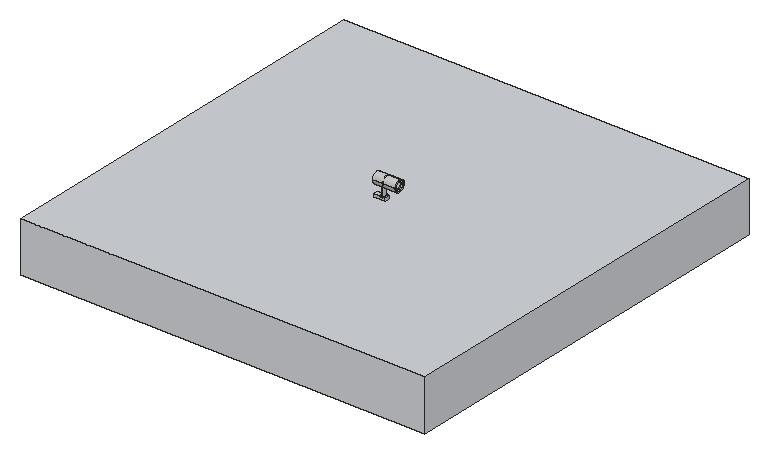
Revit family "LAMP_HANCE TRACK CRI90 SUPERSPOT", category Modelos genéricos, Revit 2018
Family settings
  Anfitrión = Cara
  Puede alojar armadura = No
  Cota de conector redondo = Diámetro de uso
  Tipo de pieza = Normal
  Corte con vacíos al cargar = No
  Compartido = No
  Punto de cálculo de habitación = No
Parameters (values of type "438LM 3000 BLACK")
  Weight = 0.47 kg
  Type = "HIGH POWER CREE"
  Total height = 190 mm
  Tilting angle [instance] = 90.00°
  Tilting [instance] = if(Tilting angle < 0.00°, 0.00°, if(Tilting angle > 90.00°, 90.00°, Tilting angle))  # 90.00°
  Rotation angle [instance] = 0.00°
  Rotation [instance] = if(Rotation angle < 0.00°, 90.00°, if(Rotation angle > 355.00°, 85.00°, Rotation angle + 90.00°))  # 90.00°
  Protection rating = "IP20"
  Profundidad tija = if(Longitud cuerpo = 210 mm, 18 mm, 8.2 mm)  # 8.2 mm
  Product datasheet = "http://www.lamp.es/product-files/TECH/HS1TK10SS930NBB\r\n-EN.pdf"
  Product code = "HS1TK10SS930NBB"
  Product URL = "http://www.lamp.es/en/family/hance_173901"
  Power Supply = "220-240V 50-60Hz"
  Power = 7 W
  Plum = 8.6 W
  Photometric web file = Cuerpo Hance TRACK CRI90 (tilting) : 438LM 3000 BLACK
  Modelo = Product code  # "HS1TK10SS930NBB"
  Model explanation = "Availability of tilting between 0º and 90º, rotation between 0º and 355º and change ring color when placed in a project."
  Material tija = LAMP_Aluminio Hance Negro
  Material Track = LAMP_Aluminio Hance Negro
  Manufacturer name = "LAMP"
  Manufacturer country = "Spain"
  Manufacturer URL = "http://www.lamp.es/en"
  MacAdam = "3"
  Luminaire type = "Indoor - Spotlight"
  Longitud cuerpo = 135 mm
  Longitud aro = if(Longitud cuerpo = 135 mm, 63.6 mm, if(Longitud cuerpo = 170 mm, 98.6 mm, 138.6 mm))  # 63.6 mm
  Last update = "21/02/2022"
  Lamp = "COB LED"
  LED Lifetime = "60.000 L90"
  Insulation class = "I"
  Installation instructions = "http://www.lamp.es/product-files/INS/1004280-A-INSTR.%20MONT%20HANCE%20TRACK220-SUR-REC.pdf"
  Initial intensity = 438 lm
  Initial color = 3000 K
  IEE = "A+"
  Gear = "Electronic"
  Finish = "Texturized black"
  Fabricante = Manufacturer name  # "LAMP"
  Default Elevation = 1219.2 mm
  Efficacy = 51 lm/W
  Diameter = 65 mm
  Descripción = "HANCE TRACK 220 1000 WW SSP BK/BK.\r\nHANCE TRACK 220 1000 WW SSP BK/BK."
  Decorative ring [instance] = Aro decorativo (tilting) : Black
  Comentarios de tipo = Model explanation  # "Availability of tilting between 0º and 90º, rotation between 0º and 355º and change ring color when placed in a project."
  CRI = "80"
  Body height = 135 mm
  Angulo aro [instance] = if(Tilting = 90.00°, 90.00°, -Tilting + 180.00°)  # 90.00°
  Anchura tija = if(Longitud cuerpo = 210 mm, 28 mm, 23 mm)  # 23 mm
  Altura tija = if(Longitud cuerpo = 210 mm, 49 mm, 63 mm)  # 63 mm
Types (9, lengths in mm): name | Weight | Total height | Product datasheet | Product code | Power | Plum | Photometric web file | Modelo | Material tija | Material Track | MacAdam | Longitud cuerpo | Longitud aro | Last update | LED Lifetime | Initial intensity | Initial color | IEE | Finish | Efficacy | Descripción | Body height
  (no name) | 0.47 kg | 190 | "http://www.lamp.es/product-files/TECH/HS1TK10SS930NBB\r\n-EN.pdf" | "HS1TK10SS930NBB" | 7 W | 8.6 W | Cuerpo Hance TRACK CRI90 (tilting) : 438LM 3000 BLACK | "HS1TK10SS930NBB" | LAMP_Aluminio Hance Negro | LAMP_Aluminio Hance Negro | "3" | 135 | 63.6 | "21/02/2022" | "60.000 L90" | 438 lm | 3000 K | "A+" | "Texturized black" | 51 lm/W | "HANCE TRACK 220 1000 WW SSP BK/BK.\r\nHANCE TRACK 220 1000 WW SSP BK/BK." | 135
  438LM 3000 BLACK | 0.47 kg | 190 | "http://www.lamp.es/product-files/TECH/HS1TK10SS930NBB\r\n-EN.pdf" | "HS1TK10SS930NBB" | 7 W | 8.6 W | Cuerpo Hance TRACK CRI90 (tilting) : 438LM 3000 BLACK | "HS1TK10SS930NBB" | LAMP_Aluminio Hance Negro | LAMP_Aluminio Hance Negro | "3" | 135 | 63.6 | "21/02/2022" | "60.000 L90" | 438 lm | 3000 K | "A+" | "Texturized black" | 51 lm/W | "HANCE TRACK 220 1000 WW SSP BK/BK.\r\nHANCE TRACK 220 1000 WW SSP BK/BK." | 135
  438LM 3000 WHITE | 0.47 kg | 190 | "http://www.lamp.es/product-files/TECH/HS1TK10SS930NBW-EN.pdf" | "HS1TK10SS930NBW" | 7 W | 8.6 W | Cuerpo Hance TRACK CRI90 (tilting) : 438LM 3000 WHITE | "HS1TK10SS930NBW" | LAMP_Aluminio Hance Blanco | LAMP_Aluminio Hance Blanco | "3" | 135 | 63.6 | "08/08/2018" | "60.000 L90" | 438 lm | 3000 K | "A+" | "Texturized white" | 51 lm/W | "HANCE TRACK 220 1000 WW SSP BK/WH." | 135
  492LM 4000 BLACK | 0.47 kg | 190 | "http://www.lamp.es/product-files/TECH/HS1TK10SS940NBB-EN.pdf" | "HS1TK10SS940NBB" | 7 W | 8.6 W | Cuerpo Hance TRACK CRI90 (tilting) : 492LM 4000 BLACK | "HS1TK10SS940NBB" | LAMP_Aluminio Hance Negro | LAMP_Aluminio Hance Negro | "5" | 135 | 63.6 | "08/08/2018" | "60.000 L90" | 492 lm | 4000 K | "A+" | "Texturized black" | 57 lm/W | "HANCE TRACK 220 1000 NW SSP BK/BK." | 135
  492LM 4000 WHITE | 0.47 kg | 190 | "http://www.lamp.es/product-files/TECH/HS1TK10SS940NBW-EN.pdf" | "HS1TK10SS940NBW" | 7 W | 8.6 W | Cuerpo Hance TRACK CRI90 (tilting) : 492LM 4000 WHITE | "HS1TK10SS940NBW" | LAMP_Aluminio Hance Blanco | LAMP_Aluminio Hance Blanco | "5" | 135 | 63.6 | "08/08/2018" | "60.000 L90" | 492 lm | 4000 K | "A+" | "Texturized white" | 57 lm/W | "HANCE TRACK 220 1000 NW SSP BK/WH." | 135
  652LM 3000 BLACK | 0.65 kg | 225 | "http://www.lamp.es/product-files/TECH/HS1TK20SS930NBB-EN.pdf" | "HS1TK20SS930NBB" | 13 W | 13.9 W | Cuerpo Hance TRACK CRI90 (tilting) : 652LM 3000 BLACK | "HS1TK20SS930NBB" | LAMP_Aluminio Hance Negro | LAMP_Aluminio Hance Negro | "3" | 170 | 98.6 | "08/08/2018" | "50.000 L80" | 652 lm | 3000 K | "A" | "Texturized black" | 46.87 lm/W | "HANCE TRACK 220 2000 WW SSP BK/BK." | 170
  652LM 3000 WHITE | 0.65 kg | 225 | "http://www.lamp.es/product-files/TECH/HS1TK20SS930NBW-EN.pdf" | "HS1TK20SS930NBW" | 13 W | 13 W | Cuerpo Hance TRACK CRI90 (tilting) : 652LM 3000 WHITE | "HS1TK20SS930NBW" | LAMP_Aluminio Hance Blanco | LAMP_Aluminio Hance Blanco | "3" | 170 | 98.6 | "08/08/2018" | "50.000 L80" | 652 lm | 3000 K | "A" | "Texturized white" | 46.87 lm/W | "HANCE TRACK 220 2000 WW SSP BK/WH." | 170
  737LM 4000 BLACK | 0.65 kg | 225 | "http://www.lamp.es/product-files/TECH/HS1TK20SS940NBB-EN.pdf" | "HS1TK20SS940NBB" | 13 W | 13.9 W | Cuerpo Hance TRACK CRI90 (tilting) : 737LM 4000 BLACK | "HS1TK20SS940NBB" | LAMP_Aluminio Hance Negro | LAMP_Aluminio Hance Negro | "5" | 170 | 98.6 | "08/08/2018" | "50.000 L80" | 737 lm | 4000 K | "A" | "Texturized black" | 53.02 lm/W | "HANCE TRACK 220 2000 NW SSP BK/BK." | 170
  737LM 4000 WHITE | 0.65 kg | 225 | "http://www.lamp.es/product-files/TECH/HS1TK20SS940NBW-EN.pdf" | "HS1TK20SS940NBW" | 13 W | 16 W | Cuerpo Hance TRACK CRI90 (tilting) : 737LM 4000 WHITE | "HS1TK20SS940NBW" | LAMP_Aluminio Hance Blanco | LAMP_Aluminio Hance Blanco | "5" | 170 | 98.6 | "08/08/2018" | "50.000 L80" | 737 lm | 4000 K | "A" | "Texturized white" | 53.02 lm/W | "HANCE TRACK 220 2000 NW SSP BK/WH." | 170
Reference planes
  plane 1 "Centro (Frontal/Posterior)": y = 0
  plane 2: z = 0
  plane 3 "Centro (Izquierda/Derecha)": x = 0
Forms (mm)
  Extrusion 1, solid
    sketch origin (0, 0, 0) x (1, 0, 0) y (0, 1, 0)
      loop
        line (-1219.2, 1219.2) -> (-1219.2, -1219.2) -> (1219.2, -1219.2) -> (1219.2, 1219.2) -> (-1219.2, 1219.2)
    from 0 to -304.8
  Extrusion 2, solid, material "LAMP_Aluminio Hance Negro" <- "Material Track"
    sketch origin (-17.6, 0, 0) x (1, 0, 0) y (0, 1, 0)
      loop
        arc (-31.129, 16) -> (-35, 0) -> (-31.129, -16) r 35
        line (-31.129, -16) -> (31.129, -16)
        arc (31.129, -16) -> (35, 0) -> (31.129, 16) r 35
        line (31.129, 16) -> (-31.129, 16)
    from -26 to 14
  Extrusion 3, void
    sketch origin (0, 0, 0) x (0, 1, 0) y (0, 0, 1)
      loop
        line (17, 0) -> (7, 0) -> (7, -25) -> (-7, -25) -> (-7, 0) -> (-17, 0) -> (-17, -26) -> (17, -26) -> (17, 0)
    from -55.461 to 19.43
  Extrusion 4, void
    sketch origin (-17.6, 0, 0) x (-1, 0, 0) y (0, -1, 0)
      loop
        circle (-17.6, 0) r 6.5
    from -7.7 to 14
  Extrusion 5, solid, material "LAMP_Aluminio Hance Negro" <- "Material Track"
    sketch origin (0, 0, 0) x (1, 0, 0) y (0, 1, 0)
      loop
        circle (-1, 0) r 15.5
    from 14 to 18
Cuts and joins
  Extrusion 3, Extrusion 4 cuts Extrusion 2
Lines and regions (mm)
  reference lines
    curve 1: line (0, 0, 0) -> (50, 0, 0)
Text (mm)
  text "Any modification of the parameters and properties of the LAMP BIM models must be executed and validated by the LAMP technical department.\nPhone: +34 93 736 68 00\nE-mail: lamp@lamp.es\n\nLAMP reserves the right to modify the technical specifications of its products." at (54668.374, -36535.527, 14362.893), in view "Preview"
Dimensions and locks
  "Rotation": angle curve 1 to plane 3 "Centro (Izquierda/Derecha)"
  aligned and locked: plane 2 to Extrusion 1
  aligned and locked: level to Extrusion 1
  aligned and locked: plane 3 "Centro (Izquierda/Derecha)" to curve 1
  aligned and locked: plane 1 "Centro (Frontal/Posterior)" to curve 1
Automatic sketch dimensions
  Extrusion 1 sketch curve to Extrusion 1 sketch curve = 2438.4 mm  (x2)
  Extrusion 2 sketch curve to Extrusion 2 sketch curve = 0 mm  (x2)
  plane 1 "Centro (Frontal/Posterior)" to Extrusion 2 sketch curve = 0 mm
  Extrusion 2 sketch curve to plane 1 "Centro (Frontal/Posterior)" = 16 mm
  Extrusion 2 sketch curve to plane 3 "Centro (Izquierda/Derecha)" = 48.729 mm
  plane 1 "Centro (Frontal/Posterior)" to Extrusion 2 sketch curve = 16 mm
  Extrusion 2 sketch curve to plane 3 "Centro (Izquierda/Derecha)" = 17.6 mm
  plane 3 "Centro (Izquierda/Derecha)" to Extrusion 2 sketch curve = 13.529 mm
  Extrusion 3 sketch curve to level = 0 mm  (x2)
  plane 1 "Centro (Frontal/Posterior)" to Extrusion 3 sketch curve = 17 mm
  plane 1 "Centro (Frontal/Posterior)" to Extrusion 3 sketch curve = 7 mm
  Extrusion 3 sketch curve to plane 1 "Centro (Frontal/Posterior)" = 7 mm
  Extrusion 3 sketch curve to Extrusion 3 sketch curve = 10 mm
  Extrusion 3 sketch curve to Extrusion 3 sketch curve = 25 mm
  Extrusion 3 sketch curve to Extrusion 3 sketch curve = 1 mm
  plane 1 "Centro (Frontal/Posterior)" to Extrusion 4 sketch curve = 0 mm
  Extrusion 4 sketch curve to plane 3 "Centro (Izquierda/Derecha)" = 0 mm
  Extrusion 5 sketch curve to curve 1 = 0 mm
  Extrusion 5 sketch curve to curve 1 = 1 mm
  radius of Extrusion 4 sketch curve = 6.5 mm
  radius of Extrusion 5 sketch curve = 15.5 mm
Nested families
  nested 1: "Cuerpo Hance TRACK CRI90 (tilting)" at (-0.525, -1.967, 73.145) x (1, 0, 0) z (0, 0, -1), type <- "Photometric web file", type "438LM 3000 BLACK"
  nested 2: "Aro decorativo (tilting)" at (-0.5, 0, 73.163) x (1, 0, 0) z (0, 0, -1), type <- "Decorative ring", type "Black"
  nested 3: "Tija track" at (1, 0, 18), type "Tija track"
Connectors
  electrical at (-17.6, 0, -25)
    settings: on cut or joined group of Extrusion 2, Extrusion 3, Extrusion 4, index 1, voltage 230 V, apparent load 0 VA, apparent load phase1 0 VA, apparent load phase2 0 VA, apparent load phase3 0 VA, power factor 1, load classification "Otro", number of poles 1, system type 31, power factor state 1, is connector primary yes, connector utility no, sub classification motor no, connector description ""
Definition of nested family "Cuerpo Hance TRACK CRI90 (tilting)"
  Parameters (values of type "438LM 3000 BLACK")
    Tilting = 90.00°
    Photometric web file = Cuerpo Hance TRACK CRI90 : 438LM 3000 BLACK
    Longitud cuerpo = 135 mm
    Default Elevation = 1219.2 mm
  Types (8, lengths in mm): name | Photometric web file
    438LM 3000 BLACK | Cuerpo Hance TRACK CRI90 : 438LM 3000 BLACK
    438LM 3000 WHITE | Cuerpo Hance TRACK CRI90 : 438LM 3000 WHITE
    492LM 4000 BLACK | Cuerpo Hance TRACK CRI90 : 492LM 4000 BLACK
    492LM 4000 WHITE | Cuerpo Hance TRACK CRI90 : 492LM 4000 WHITE
    652LM 3000 BLACK | Cuerpo Hance TRACK CRI90 : 652LM 3000 BLACK
    652LM 3000 WHITE | Cuerpo Hance TRACK CRI90 : 652LM 3000 WHITE
    737LM 4000 BLACK | Cuerpo Hance TRACK CRI90 : 737LM 4000 BLACK
    737LM 4000 WHITE | Cuerpo Hance TRACK CRI90 : 737LM 4000 WHITE
  Reference planes
    plane 1 "Centro (Frontal/Posterior)": y = 0
    plane 2: z = 0
    plane 3 "Centro (Izquierda/Derecha)": x = 0
  Lines and regions (mm)
    reference lines
      curve 1: line (0, 0, 0) -> (200, 0, 0)
  Dimensions and locks
    "Tilting": angle plane 3 "Centro (Izquierda/Derecha)" to curve 1
    aligned and locked: level to plane 2
    aligned and locked: plane 3 "Centro (Izquierda/Derecha)" to curve 1
    aligned and locked: plane 2 to curve 1
  Nested families
    nested 1: "Cuerpo Hance TRACK CRI90" at (0, -1.967, 0), type <- "Photometric web file", type "438LM 3000 BLACK"
  Definition of nested family "Cuerpo Hance TRACK CRI90"
    Parameters (values of type "438LM 3000 BLACK")
      Tilt Angle = 90.00° + Tilting  # 180.00°
      Wattage = 8.6 W
      Tilting = 90.00°
      built-in parameter 1150107 = 3000 (stored number, unit not read)
      Radio vacio posterior = Radio cuerpo - 2.2 mm  # 30.3 mm
      Radio vaciado = Radio cuerpo - 1.5 mm  # 31 mm
      Radio cuerpo = if(Longitud cuerpo = 210 mm, 45 mm, 32.5 mm)  # 32.5 mm
      built-in parameter 1150110 = 1 (stored number, unit not read)
      built-in parameter 1150109 = 1 (stored number, unit not read)
      built-in parameter 1150112 = 1 (stored number, unit not read)
      built-in parameter 1150113 = 1 (stored number, unit not read)
      built-in parameter 1114218 = 1 (stored number, unit not read)
      built-in parameter 1150137 = (empty or 0)
      built-in parameter 1150132 = 2
      Material reflector = none
      Material cuerpo = none
      Material COB = none
      Longitud cuerpo = 135 mm
      Long. origen luz = if(Longitud cuerpo = 135 mm, 20 mm, if(Longitud cuerpo = 170 mm, 55 mm, 90 mm))  # 20 mm
      L_3 = if(Ancho disipador posterior = 80.4 mm, 39.6 mm, 12 mm)  # 12 mm
      L_2 = if(Ancho disipador posterior = 80.4 mm, 36.3 mm, 22.6 mm)  # 22.6 mm
      L_1 = if(Ancho disipador posterior = 80.4 mm, 36.8 mm, 25.4 mm)  # 25.4 mm
      built-in parameter 1150105 = 7654.7 (stored number, unit not read)
      built-in parameter 1150102 = (empty or 0)
      built-in parameter 1150106 = 76.547 (stored number, unit not read)
      Lumens = 438.6 lm
      Color Filter = 16777215
      built-in parameter 1114217 = 1 (stored number, unit not read)
      built-in parameter 1150139 = (empty or 0)
      Default Elevation = 1219.2 mm
      built-in parameter 1150104 = 4.7381 (stored number, unit not read)
      Efficacy = 51 lm/W
      Diametro aro = if(Radio cuerpo = 45 mm, 42.9 mm, 30.4 mm)  # 30.4 mm
      built-in parameter 1150115 = 1 (stored number, unit not read)
      built-in parameter 1150114 = 1 (stored number, unit not read)
      built-in parameter 1150138 = (empty or 0)
      built-in parameter 1150134 = (empty or 0)
      Dimming Lamp Color Temperature Shift = (empty or 0)
      Photometric Web File = "HS1TK10SS930NBB.IES"
      Ancho vaciado reflector = if(Radio cuerpo = 45 mm, 34.4 mm, 21.9 mm)  # 21.9 mm
      Ancho reflector = if(Radio cuerpo = 45 mm, 35.4 mm, 22.9 mm)  # 22.9 mm
      Ancho disipador posterior = if(Radio cuerpo = 32.5 mm, 53 mm, 80.4 mm)  # 53 mm
      built-in parameter 1150133 = 10 (stored number, unit not read)
      Altura disipador superior = if(Radio cuerpo = 45 mm, 23.9 mm, 36.9 mm)  # 36.9 mm
      Ancho disipador superior = if(Radio cuerpo = 45 mm, 28 mm, 22.6 mm)  # 22.6 mm
    Types (8, lengths in mm): name | Wattage | built-in parameter 1150107 | Longitud cuerpo | Long. origen luz | built-in parameter 1150105 | built-in parameter 1150106 | Lumens | built-in parameter 1150104 | Efficacy | built-in parameter 1150134 | Photometric Web File
      438LM 3000 BLACK | 8.6 W | 3000 (stored number, unit not read) | 135 | 20 | 7654.7 (stored number, unit not read) | 76.547 (stored number, unit not read) | 438.6 lm | 4.7381 (stored number, unit not read) | 51 lm/W | (empty or 0) | "HS1TK10SS930NBB.IES"
      438LM 3000 WHITE | 8.6 W | 3000 (stored number, unit not read) | 135 | 20 | 7654.7 (stored number, unit not read) | 76.547 (stored number, unit not read) | 438.6 lm | 4.7381 (stored number, unit not read) | 51 lm/W | (empty or 0) | "HS1TK10SS930NBW.IES"
      492LM 4000 BLACK | 8.6 W | 4000 (stored number, unit not read) | 135 | 20 | 12023.8 (stored number, unit not read) | 120.24 (stored number, unit not read) | 688.946 lm | 7.4425 (stored number, unit not read) | 57 lm/W | 12 | "HS1TK10SS940NBB.IES"
      492LM 4000 WHITE | 8.6 W | 4000 (stored number, unit not read) | 135 | 20 | 9030 (stored number, unit not read) | 90.3 (stored number, unit not read) | 490.2 lm | 5.2955 (stored number, unit not read) | 57 lm/W | 12 | "HS1TK10SS940NBW.IES"
      652LM 3000 BLACK | 13.9 W | 3000 (stored number, unit not read) | 170 | 55 | 11370.2 (stored number, unit not read) | 113.7 (stored number, unit not read) | 651.493 lm | 4.3544 (stored number, unit not read) | 46.87 lm/W | (empty or 0) | "HS1TK20SS930NBB.IES"
      652LM 3000 WHITE | 13.9 W | 3000 (stored number, unit not read) | 170 | 55 | 12001.2 (stored number, unit not read) | 120.01 (stored number, unit not read) | 651.493 lm | 4.3544 (stored number, unit not read) | 55.34 lm/W | (empty or 0) | "HS1TK20SS930NBW.IES"
      737LM 4000 BLACK | 13.9 W | 4000 (stored number, unit not read) | 170 | 55 | 12862.1 (stored number, unit not read) | 128.62 (stored number, unit not read) | 736.978 lm | 4.9257 (stored number, unit not read) | 53.02 lm/W | 12 | "HS1TK20SS940NBB.IES"
      737LM 4000 WHITE | 13.9 W | 4000 (stored number, unit not read) | 170 | 55 | 13575.9 (stored number, unit not read) | 135.76 (stored number, unit not read) | 736.978 lm | 4.9257 (stored number, unit not read) | 53.02 lm/W | 12 | "HS1TK20SS940NBW.IES"
    Reference planes
      plane 1 "Centro (Frontal/Posterior)": y = 0
      plane 2: z = 0
      plane 3 "Centro (Izquierda/Derecha)": x = 0
    Forms (mm)
      Extrusion 1, solid, material <- "Material cuerpo"
        sketch origin (0, 0, 0) x (0, -1, 0) y (0, 0, 1)
          loop
            circle (0, -27.875) r 32.5
        from -93 to 42
      Extrusion 2, void
        sketch origin (0, 0, 0) x (0, 1, 0) y (0, 0, 1)
          loop
            line (11.3, 30) -> (-11.3, 30) -> (-11.3, -6.9)
            arc (-11.3, -6.9) -> (0, -7.855) -> (11.3, -6.9) r 67.349
            line (11.3, -6.9) -> (11.3, 30)
        from -42 to 9.4
      Extrusion 3, void
        sketch origin (0, 0, 0) x (0, 1, 0) y (0, 0, 1)
          loop
            circle (0, -27.875) r 30.3
        from -42 to -41
      Extrusion 4, void
        sketch origin (0, 0, 0) x (0, 1, 0) y (0, 0, 1)
          loop
            line (26.5, -26.291) -> (-26.5, -26.291)
            arc (-26.5, -26.291) -> (-27.7, -27.491) -> (-26.5, -28.691) r 1.2
            line (-26.5, -28.691) -> (26.5, -28.691)
            arc (26.5, -28.691) -> (27.7, -27.491) -> (26.5, -26.291) r 1.2
          loop
            line (26.115, -30.891) -> (-26.115, -30.891)
            arc (-26.115, -30.891) -> (-27.315, -32.091) -> (-26.115, -33.291) r 1.2
            line (-26.115, -33.291) -> (26.115, -33.291)
            arc (26.115, -33.291) -> (27.315, -32.091) -> (26.115, -30.891) r 1.2
          loop
            line (25.4, -35.55) -> (-24.915, -35.55)
            arc (-24.915, -35.55) -> (-26.115, -36.75) -> (-24.915, -37.95) r 1.2
            line (-24.915, -37.95) -> (25.4, -37.95)
            arc (25.4, -37.95) -> (26.6, -36.75) -> (25.4, -35.55) r 1.2
          loop
            line (22.6, -40.091) -> (-22.64, -40.091)
            arc (-22.64, -40.091) -> (-23.84, -41.291) -> (-22.64, -42.491) r 1.2
            line (-22.64, -42.491) -> (22.6, -42.491)
            arc (22.6, -42.491) -> (23.8, -41.291) -> (22.6, -40.091) r 1.2
          loop
            line (19.043, -44.691) -> (-19.086, -44.691)
            arc (-19.086, -44.691) -> (-20.286, -45.891) -> (-19.086, -47.091) r 1.2
            line (-19.086, -47.091) -> (19.043, -47.091)
            arc (19.043, -47.091) -> (20.243, -45.891) -> (19.043, -44.691) r 1.2
          loop
            line (15.357, -49.291) -> (-15.5, -49.291)
            arc (-15.5, -49.291) -> (-16.6, -50.391) -> (-15.5, -51.491) r 1.1
            line (-15.5, -51.491) -> (15.357, -51.491)
            arc (15.357, -51.491) -> (16.457, -50.391) -> (15.357, -49.291) r 1.1
          loop
            line (6, -53.691) -> (-6, -53.691)
            arc (-6, -53.691) -> (-7.1, -54.791) -> (-6, -55.891) r 1.1
            line (-6, -55.891) -> (6, -55.891)
            arc (6, -55.891) -> (7.1, -54.791) -> (6, -53.691) r 1.1
        from -42 to -38.7
      Extrusion 5, void
        sketch origin (0, 0, 0) x (-1, 0, 0) y (0, -1, 0)
          loop
            line (37.7, -9.12) -> (37.7, 9.12)
            arc (37.7, 9.12) -> (36.6, 10.22) -> (35.5, 9.12) r 1.1
            line (35.5, 9.12) -> (35.5, -9.12)
            arc (35.5, -9.12) -> (36.6, -10.22) -> (37.7, -9.12) r 1.1
          loop
            line (28.9, -9.12) -> (28.9, 9.12)
            arc (28.9, 9.12) -> (27.8, 10.22) -> (26.7, 9.12) r 1.1
            line (26.7, 9.12) -> (26.7, -9.12)
            arc (26.7, -9.12) -> (27.8, -10.22) -> (28.9, -9.12) r 1.1
          loop
            line (20.1, -9.12) -> (20.1, 9.12)
            arc (20.1, 9.12) -> (19, 10.22) -> (17.9, 9.12) r 1.1
            line (17.9, 9.12) -> (17.9, -9.12)
            arc (17.9, -9.12) -> (19, -10.22) -> (20.1, -9.12) r 1.1
        from -51.491 to 30
      Extrusion 6, void
        sketch origin (0, 0, 0) x (-1, 0, 0) y (0, -1, 0)
          loop
            line (33.3, -9.12) -> (33.3, 9.12)
            arc (33.3, 9.12) -> (32.2, 10.22) -> (31.1, 9.12) r 1.1
            line (31.1, 9.12) -> (31.1, -9.12)
            arc (31.1, -9.12) -> (32.2, -10.22) -> (33.3, -9.12) r 1.1
          loop
            line (24.5, -9.12) -> (24.5, 9.12)
            arc (24.5, 9.12) -> (23.4, 10.22) -> (22.3, 9.12) r 1.1
            line (22.3, 9.12) -> (22.3, -9.12)
            arc (22.3, -9.12) -> (23.4, -10.22) -> (24.5, -9.12) r 1.1
        from -8.232 to 30
      Extrusion 7, void
        sketch origin (0, 0, 0) x (0, 1, 0) y (0, 0, 1)
          loop
            circle (0, -27.875) r 31
        from 17.213 to 93
      Revolve 8, solid, material <- "Material reflector"
        sketch origin (0, 0, 0) x (1, 0, 0) y (0, 0, 1)
          loop
            line (60.5, -27.875) -> (80.818, -27.875) -> (80.818, -4.975) -> (60.5, -19.875) -> (60.5, -27.875)
          axis (60.5, -27.875) -> (80.818, -27.875)
        angle from 0 to 360
      Revolve 9, void
        sketch origin (0, 0, 0) x (1, 0, 0) y (0, 0, 1)
          loop
            line (80.818, -5.975) -> (61.5, -20.142) -> (60.5, -20.142) -> (60.5, -27.875) -> (61.5, -27.875) -> (80.818, -27.875) -> (80.818, -5.975)
          axis (80.818, -27.875) -> (60.5, -27.875)
        angle from 0 to 360
      Extrusion 10, solid, material <- "Material COB"
        sketch origin (0, 0, 0) x (0, -1, 0) y (0, 0, 1)
          loop
            circle (0, -27.875) r 7.733
        from -61.5 to -60.5
    Cuts and joins
      Extrusion 2, Extrusion 3, Extrusion 4, Extrusion 5, Extrusion 6, Extrusion 7 cuts Extrusion 1
      Revolve 9 cuts Revolve 8
    Lines and regions (mm)
      reference lines
        curve 1: line (0, 0, 0) -> (178.042, 0, 0)
        curve 2: line (93, 0, -27.875) -> (113, 0, -27.875)
        curve 3: line (0, 0, 0) -> (0, 0, -75)
        curve 4: line (93, 0, -22.875) -> (93, 0, -32.875)
    Text (mm)
      text "Any modification of the parameters and properties of the LAMP BIM models must be executed and validated by the LAMP technical department.\nPhone: +34 93 736 68 00\nE-mail: lamp@lamp.es\n\nLAMP reserves the right to modify the technical specifications of its products." at (97482.136, -81600.41, 57308.082), in view "Preview"
    Dimensions and locks
      locked: Revolve 9 sketch curve to cut or joined group of Extrusion 1, Extrusion 2, Extrusion 3, Extrusion 4, Extrusion 5, Extrusion 6, Extrusion 7 at 12.182
      "Longitud cuerpo": cut or joined group of Extrusion 1, Extrusion 2, Extrusion 3, Extrusion 4, Extrusion 5, Extrusion 6, Extrusion 7 to cut or joined group of Extrusion 1, Extrusion 2, Extrusion 3, Extrusion 4, Extrusion 5, Extrusion 6, Extrusion 7
      locked: cut or joined group of Extrusion 1, Extrusion 2, Extrusion 3, Extrusion 4, Extrusion 5, Extrusion 6, Extrusion 7 to curve 3 at 42
      locked: cut or joined group of Revolve 8, Revolve 9 to cut or joined group of Extrusion 1, Extrusion 2, Extrusion 3, Extrusion 4, Extrusion 5, Extrusion 6, Extrusion 7 at 12.182
      locked: cut or joined group of Revolve 8, Revolve 9 to cut or joined group of Revolve 8, Revolve 9 at 20.318
      locked: cut or joined group of Extrusion 1, Extrusion 2, Extrusion 3, Extrusion 4, Extrusion 5, Extrusion 6, Extrusion 7 to Extrusion 10 at 31.5
      locked: Extrusion 10 to Extrusion 10 at 1
      "Long. origen luz": curve 4 to curve 2
      equal spacing: Extrusion 4 sketch curve, plane 1 "Centro (Frontal/Posterior)", Extrusion 4 sketch curve  (x2)
      "Ancho disipador posterior": Extrusion 4 sketch curve to Extrusion 4 sketch curve
      "L_1": Extrusion 4 sketch curve to plane 1 "Centro (Frontal/Posterior)"
      "L_2": Extrusion 4 sketch curve to curve 3
      "L_3": Extrusion 4 sketch curve to Extrusion 4 sketch curve
      equal spacing: Extrusion 2 sketch curve, plane 1 "Centro (Frontal/Posterior)", Extrusion 2 sketch curve
      "Ancho disipador superior": Extrusion 2 sketch curve to Extrusion 2 sketch curve
      "Altura disipador superior": Extrusion 2 sketch curve to Extrusion 2 sketch curve
      locked: plane 2 to Extrusion 2 sketch curve at 30
      "Ancho reflector": Revolve 8 sketch curve to imposter light
      "Ancho vaciado reflector": Revolve 9 sketch curve to imposter light
      "Radio cuerpo": radius of Extrusion 1 sketch curve
      "Radio vaciado": radius of Extrusion 7 sketch curve
      "Radio vacio posterior": radius of Extrusion 3 sketch curve
      "Tilting": angle plane 3 "Centro (Izquierda/Derecha)" to curve 1
      aligned and locked: level to plane 2
      aligned and locked: imposter light to curve 2  (x2)
      aligned and locked: cut or joined group of Extrusion 1, Extrusion 2, Extrusion 3, Extrusion 4, Extrusion 5, Extrusion 6, Extrusion 7 to cut or joined group of Extrusion 1, Extrusion 2, Extrusion 3, Extrusion 4, Extrusion 5, Extrusion 6, Extrusion 7
    Automatic sketch dimensions
      curve 1 to Extrusion 5 sketch curve = 17.9 mm
      Extrusion 5 sketch curve to Extrusion 5 sketch curve = 1.1 mm  (x3)
      Extrusion 5 sketch curve to Extrusion 5 sketch curve = 6.6 mm  (x2)
      Extrusion 5 sketch curve to curve 1 = 9.12 mm  (x2)
      Extrusion 5 sketch curve to Extrusion 5 sketch curve = 0 mm  (x3)
      curve 1 to Extrusion 5 sketch curve = 9.12 mm
      curve 1 to Extrusion 6 sketch curve = 22.3 mm
      Extrusion 6 sketch curve to Extrusion 6 sketch curve = 1.1 mm  (x2)
      Extrusion 6 sketch curve to Extrusion 6 sketch curve = 6.6 mm
      Extrusion 6 sketch curve to curve 1 = 9.12 mm
      Extrusion 6 sketch curve to Extrusion 6 sketch curve = 0 mm  (x2)
      curve 1 to Extrusion 6 sketch curve = 9.12 mm
      Extrusion 10 sketch curve to plane 1 "Centro (Frontal/Posterior)" = 0 mm
      Extrusion 1 sketch curve to plane 1 "Centro (Frontal/Posterior)" = 0 mm
      Extrusion 1 sketch curve to level = 27.875 mm
      Extrusion 2 sketch curve to plane 1 "Centro (Frontal/Posterior)" = 0 mm
      Extrusion 2 sketch curve to Extrusion 2 sketch curve = 29.494 mm
      Extrusion 3 sketch curve to plane 1 "Centro (Frontal/Posterior)" = 0 mm
      Extrusion 3 sketch curve to level = 27.875 mm
      Extrusion 4 sketch curve to Extrusion 4 sketch curve = 0.385 mm  (x2)
      Extrusion 4 sketch curve to Extrusion 4 sketch curve = 1.2 mm  (x6)
      Extrusion 4 sketch curve to Extrusion 4 sketch curve = 2.276 mm
      Extrusion 4 sketch curve to Extrusion 4 sketch curve = 3.554 mm
      Extrusion 4 sketch curve to Extrusion 4 sketch curve = 3.586 mm
      Extrusion 4 sketch curve to Extrusion 4 sketch curve = 9.357 mm
      Extrusion 4 sketch curve to Extrusion 4 sketch curve = 3.557 mm
      Extrusion 4 sketch curve to level = 55.891 mm
      Extrusion 4 sketch curve to Extrusion 4 sketch curve = 1.1 mm  (x2)
      Extrusion 4 sketch curve to Extrusion 4 sketch curve = 2.2 mm  (x4)
      Extrusion 4 sketch curve to Extrusion 4 sketch curve = 2.141 mm
      Extrusion 4 sketch curve to Extrusion 4 sketch curve = 2.259 mm
      Extrusion 7 sketch curve to plane 1 "Centro (Frontal/Posterior)" = 0 mm
      Extrusion 7 sketch curve to level = 27.875 mm
      curve 1 to Revolve 8 sketch curve = 19.875 mm
      curve 1 to Revolve 8 sketch curve = 60.5 mm
      Revolve 8 sketch curve to Revolve 8 sketch curve = 20.318 mm
      Revolve 8 sketch curve to Revolve 8 sketch curve = 8 mm
      Revolve 8 sketch curve to Revolve 8 sketch curve = 0 mm  (x2)
      Revolve 8 sketch curve to Revolve 8 sketch curve = 9.682 mm
      Revolve 9 sketch curve to Revolve 9 sketch curve = 19.318 mm
      Revolve 9 sketch curve to Revolve 9 sketch curve = 0 mm  (x3)
      Revolve 9 sketch curve to Revolve 9 sketch curve = 1 mm
      curve 1 to Revolve 9 sketch curve = 20.142 mm
      Revolve 9 sketch curve to Revolve 9 sketch curve = 7.733 mm
      Revolve 9 sketch curve to Revolve 9 sketch curve = 9.682 mm
      curve 1 to level = 0 mm
      curve 1 to plane 3 "Centro (Izquierda/Derecha)" = 0 mm
      curve 3 to curve 1 = 0 mm  (x2)
      curve 3 to curve 1 = 75 mm
      curve 1 to curve 4 = 32.875 mm
      curve 4 to curve 1 = 85.042 mm
      curve 4 to curve 2 = 5 mm
      curve 2 to curve 4 = 5 mm
      radius of Extrusion 10 sketch curve = 7.733 mm
Definition of nested family "Aro decorativo (tilting)"
  Parameters (values of type "Copper")
    Weight (3000/4000) = 0.016 kg
    Weight (1000/2000) = 0.01 kg
    Tilting = 90.00°
    Product datasheet = ""
    Product code (3000/4000) = "HSRI90C"
    Product code (1000/2000) = "HSRI65C"
    Product URL = ""
    Model = ""
    Material aro = none
    Manufacturer name = "LAMP"
    Manufacturer country = "Spain"
    Manufacturer URL = "http://www.lamp.es/en"
    Longitud = 63.6 mm
    Last update = "21/05/2018"
    Installation instructions = ""
    Finish = "Metalized matt copper"
    Manufacturer = Manufacturer name  # "LAMP"
    Default Elevation = 1219.2 mm
    Diameter (3000/4000) = 90 mm
    Diameter (1000/2000) = 65 mm
    Description = ""
    Accessory Type = "Optic"
    3000/4000 Model = "HSRI90C"
    3000/4000 Description = "HANCE 3000/4000 ACC. RING DECO CO."
    1000/2000 Model = "HSRI65C"
    1000/2000 Description = "HANCE 1000/2000 ACC. RING DECO CO."
  Types (5, lengths in mm): name | Product code (3000/4000) | Product code (1000/2000) | Finish | 3000/4000 Model | 3000/4000 Description | 1000/2000 Model | 1000/2000 Description
    (no name) | "HSRI90C" | "HSRI65C" | "Metalized matt copper" | "HSRI90C" | "HANCE 3000/4000 ACC. RING DECO CO." | "HSRI65C" | "HANCE 1000/2000 ACC. RING DECO CO."
    Black | "HSRI90B" | "HSRI65B" | "Matt black" | "HSRI90B" | "HANCE 3000/4000 ACC. RING DECO BK." | "HSRI65B" | "HANCE 1000/2000 ACC. RING DECO BK."
    Copper | "HSRI90C" | "HSRI65C" | "Metalized matt copper" | "HSRI90C" | "HANCE 3000/4000 ACC. RING DECO CO." | "HSRI65C" | "HANCE 1000/2000 ACC. RING DECO CO."
    Grey | "HSRI90M" | "HSRI65M" | "Metalized matt silver" | "HSRI90M" | "HANCE 3000/4000 ACC. RING DECO MET." | "HSRI65M" | "HANCE 1000/2000 ACC. RING DECO MET."
    White | "HSRI90W" | "HSRI65W" | "Matt White" | "HSRI90W" | "HANCE 3000/4000 ACC. RING DECO WH." | "HSRI65W" | "HANCE 1000/2000 ACC. RING DECO WH."
  Reference planes
    plane 1 "Centro (Frontal/Posterior)": y = 0
    plane 2: z = 0
    plane 3 "Centro (Izquierda/Derecha)": x = 0
  Lines and regions (mm)
    reference lines
      curve 1: line (0, 0, 0) -> (0, 0, -27.9)
      curve 2: line (0, 0, -27.9) -> (80.8, 0, -27.9)
  Text (mm)
    text "Any modification of the parameters and properties of the LAMP BIM models must be executed and validated by the LAMP technical department.\nPhone: +34 93 736 68 00\nE-mail: lamp@lamp.es\n\nLAMP reserves the right to modify the technical specifications of its products." at (86527.204, -96597.187, 50741.736), in view "Preview"
  Dimensions and locks
    "Tilting": angle curve 1 to plane 2
    aligned and locked: level to plane 2
    aligned and locked: plane 3 "Centro (Izquierda/Derecha)" to curve 1
    aligned and locked: plane 2 to curve 1
  Automatic sketch dimensions
    curve 2 to curve 1 = 0 mm
    curve 1 to curve 2 = 0 mm
    curve 1 to curve 2 = 80.8 mm
  Nested families
    nested 1: "Aro decorativo" at (17.2, 0, 0), type "Copper"
  Definition of nested family "Aro decorativo"
    Parameters (values of type "Copper")
      Weight (3000/4000) = 0.016 kg
      Weight (1000/2000) = 0.01 kg
      Product datasheet = ""
      Product code (3000/4000) = "HSRI90C"
      Product code (1000/2000) = "HSRI65C"
      Product URL = ""
      Model = ""
      Material aro = none
      Manufacturer name = "LAMP"
      Manufacturer country = "Spain"
      Manufacturer URL = "http://www.lamp.es/en"
      Longitud = 63.6 mm
      Last update = "21/05/2018"
      Installation instructions = ""
      Finish = "Metalized matt copper"
      Manufacturer = Manufacturer name  # "LAMP"
      Default Elevation = 1219.2 mm
      Diametro vaciado aro interior = if(Diametro aro interior = 35.4 mm, 34.4 mm, 21.9 mm)  # 21.9 mm
      Diametro vaciado aro exterior = if(Diametro aro exterior = 42.9 mm, 41.9 mm, 29.4 mm)  # 29.4 mm
      Diametro aro interior = if(Diametro aro exterior = 42.9 mm, 35.4 mm, 22.9 mm)  # 22.9 mm
      Diametro aro exterior = if(Longitud = 138.6 mm, 42.9 mm, 30.4 mm)  # 30.4 mm
      Diameter (3000/4000) = 90 mm
      Diameter (1000/2000) = 65 mm
      Description = ""
      Accessory Type = "Optic"
      3000/4000 Model = "HSRI90C"
      3000/4000 Description = "HANCE 3000/4000 ACC. RING DECO CO."
      1000/2000 Description = "HANCE 1000/2000 ACC. RING DECO CO."
      1000/2000 Model = "HSRI65C"
    Types (5, lengths in mm): name | Product code (3000/4000) | Product code (1000/2000) | Finish | 3000/4000 Model | 3000/4000 Description | 1000/2000 Description | 1000/2000 Model
      (no name) | "HSRI90C" | "HSRI65C" | "Metalized matt copper" | "HSRI90C" | "HANCE 3000/4000 ACC. RING DECO CO." | "HANCE 1000/2000 ACC. RING DECO CO." | "HSRI65C"
      Black | "HSRI90B" | "HSRI65B" | "Matt black" | "HSRI90B" | "HANCE 3000/4000 ACC. RING DECO BK." | "HANCE 1000/2000 ACC. RING DECO BK." | "HSRI65B"
      Copper | "HSRI90C" | "HSRI65C" | "Metalized matt copper" | "HSRI90C" | "HANCE 3000/4000 ACC. RING DECO CO." | "HANCE 1000/2000 ACC. RING DECO CO." | "HSRI65C"
      Grey | "HSRI90M" | "HSRI65M" | "Metalized matt silver" | "HSRI90M" | "HANCE 3000/4000 ACC. RING DECO MET." | "HANCE 1000/2000 ACC. RING DECO MET." | "HSRI65M"
      White | "HSRI90W" | "HSRI65W" | "Matt white" | "HSRI90W" | "HANCE 3000/4000 ACC. RING DECO WH." | "HANCE 1000/2000 ACC. RING DECO WH." | "HSRI65W"
    Reference planes
      plane 1 "Centro (Frontal/Posterior)": y = 0
      plane 2: z = 0
      plane 3 "Centro (Izquierda/Derecha)": x = 0
    Forms (mm)
      Revolve 1, solid, material <- "Material aro"
        sketch origin (0, 0, -27.9) x (1, 0, 0) y (0, 0, 1)
          loop
            line (63.6, 0) -> (73.782, 0) -> (73.782, 30.4) -> (63.6, 22.9) -> (63.6, 0)
          axis (73.782, 0) -> (63.6, 0)
        angle from 0 to 360
      Revolve 2, void
        sketch origin (0, 0, -27.9) x (1, 0, 0) y (0, 0, 1)
          loop
            line (73.782, 29.4) -> (63.6, 21.9) -> (63.6, 0) -> (73.782, 0) -> (73.782, 29.4)
          axis (63.6, 0) -> (73.782, 0)
        angle from 0 to 360
    Cuts and joins
      Revolve 2 cuts Revolve 1
    Lines and regions (mm)
      reference lines
        curve 1: line (0, 0, -27.9) -> (63.6, 0, -27.9)
    Text (mm)
      text "Any modification of the parameters and properties of the LAMP BIM models must be executed and validated by the LAMP technical department.\nPhone: +34 93 736 68 00\nE-mail: lamp@lamp.es\n\nLAMP reserves the right to modify the technical specifications of its products." at (91886.357, -93022.329, 47898.266), in view "Preview"
    Dimensions and locks
      "Diametro aro exterior": Revolve 1 sketch curve to Revolve 1 sketch curve
      "Diametro vaciado aro exterior": Revolve 2 sketch curve to Revolve 2 sketch curve
      "Longitud": curve 1 to plane 3 "Centro (Izquierda/Derecha)"
      "Diametro aro interior": Revolve 1 sketch curve to Revolve 1 sketch curve
      "Diametro vaciado aro interior": Revolve 2 sketch curve to Revolve 2 sketch curve
      aligned and locked: level to plane 2
    Automatic sketch dimensions
      Revolve 1 sketch curve to curve 1 = 0 mm  (x4)
      curve 1 to Revolve 1 sketch curve = 10.182 mm
      Revolve 1 sketch curve to Revolve 1 sketch curve = 0 mm
      Revolve 2 sketch curve to curve 1 = 0 mm  (x3)
      curve 1 to Revolve 2 sketch curve = 10.182 mm
      Revolve 2 sketch curve to curve 1 = 1261.008 mm
      Revolve 2 sketch curve to Revolve 2 sketch curve = 1898.983 mm
      curve 1 to plane 3 "Centro (Izquierda/Derecha)" = 0 mm
      curve 1 to level = 27.9 mm
Definition of nested family "Tija track"
  Parameters (values of type "Tija track")
    Profundidad tija = 8.2 mm
    Material tija = none
    Default Elevation = 1219.2 mm
    Anchura tija = 23 mm
    Profundo vaciado = if(Profundidad tija = 18 mm, 10.8 mm, 1 mm)  # 1 mm
    Ancho vaciado = Anchura tija  # 23 mm
    Altura tija = 63 mm
  Reference planes
    plane 1 "Centro (Frontal/Posterior)": y = 0
    plane 2: z = 0
    plane 3 "Centro (Izquierda/Derecha)": x = 0
  Forms (mm)
    Extrusion 1, solid
      sketch origin (0, 0, 0) x (1, 0, 0) y (0, 1, 0)
        loop
          line (-1219.2, 1219.2) -> (-1219.2, -1219.2) -> (1219.2, -1219.2) -> (1219.2, 1219.2) -> (-1219.2, 1219.2)
      from 0 to -304.8
    Extrusion 2, solid, material <- "Material tija"
      sketch origin (0, 0, -18) x (1, 0, 0) y (0, 0, 1)
        loop
          line (4.1, 18) -> (4.1, 81) -> (-6.297, 81)
          arc (-6.297, 81) -> (-12.297, 75) -> (-6.297, 69) r 6
          line (-6.297, 69) -> (-4.1, 69) -> (-4.1, 18) -> (4.1, 18)
      from -11.5 to 11.5
    Extrusion 3, void
      sketch origin (0, 0, -20) x (-1, 0, 0) y (0, 0, 1)
        loop
          circle (7.297, 77) r 3
        loop
          circle (7.297, 63) r 3
      from -17.317 to 15.502
    Extrusion 4, void
      sketch origin (1, -11.5, 0) x (-1, 0, 0) y (0, 1, 0)
        loop
          line (0, 23) -> (-38.141, 23) -> (-38.141, 0) -> (0, 0)
          arc (0, 0) -> (-1.663, 11.5) -> (0, 23) r 40.6
      from -63 to 0
  Cuts and joins
    Extrusion 3, Extrusion 4 cuts Extrusion 2
  Lines and regions (mm)
    reference lines
      curve 1: line (1, -11.5, 0) -> (1, 11.5, 0)
  Dimensions and locks
    equal spacing: cut or joined group of Extrusion 2, Extrusion 3, Extrusion 4, plane 1 "Centro (Frontal/Posterior)", cut or joined group of Extrusion 2, Extrusion 3, Extrusion 4
    "Anchura tija": cut or joined group of Extrusion 2, Extrusion 3, Extrusion 4 to cut or joined group of Extrusion 2, Extrusion 3, Extrusion 4
    plane 1 "Centro (Frontal/Posterior)" to Extrusion 4 sketch curve = 11.5 mm
    "Altura tija": Extrusion 2 sketch curve to Extrusion 2 sketch curve
    "Profundidad tija": cut or joined group of Extrusion 2, Extrusion 3, Extrusion 4 to cut or joined group of Extrusion 2, Extrusion 3, Extrusion 4
    locked: cut or joined group of Extrusion 2, Extrusion 3, Extrusion 4 to plane 3 "Centro (Izquierda/Derecha)" at 4.1
    locked: plane 3 "Centro (Izquierda/Derecha)" to Extrusion 4 sketch curve at 39.141
    "Profundo vaciado": plane 3 "Centro (Izquierda/Derecha)" to curve 1
    "Ancho vaciado": Extrusion 4 sketch curve to Extrusion 4 sketch curve
    equal spacing: Extrusion 4 sketch curve, plane 1 "Centro (Frontal/Posterior)", Extrusion 4 sketch curve
    aligned and locked: plane 2 to Extrusion 1
    aligned and locked: level to Extrusion 1
  Automatic sketch dimensions
    Extrusion 1 sketch curve to Extrusion 1 sketch curve = 2438.4 mm  (x2)
    Extrusion 3 sketch curve to plane 3 "Centro (Izquierda/Derecha)" = 7.297 mm  (x2)
    level to Extrusion 3 sketch curve = 43 mm
    Extrusion 3 sketch curve to Extrusion 3 sketch curve = 14 mm
    Extrusion 2 sketch curve to level = 0 mm
    Extrusion 2 sketch curve to plane 3 "Centro (Izquierda/Derecha)" = 6.297 mm
    Extrusion 2 sketch curve to Extrusion 2 sketch curve = 2.197 mm
    plane 3 "Centro (Izquierda/Derecha)" to Extrusion 2 sketch curve = 4.1 mm
    Extrusion 2 sketch curve to Extrusion 2 sketch curve = 12 mm
    plane 1 "Centro (Frontal/Posterior)" to curve 1 = 11.5 mm
    curve 1 to plane 1 "Centro (Frontal/Posterior)" = 11.5 mm
    Extrusion 4 sketch curve to curve 1 = 0 mm  (x2)
    curve 1 to Extrusion 4 sketch curve = 38.937 mm
    radius of Extrusion 3 sketch curve = 3 mm  (x2)
